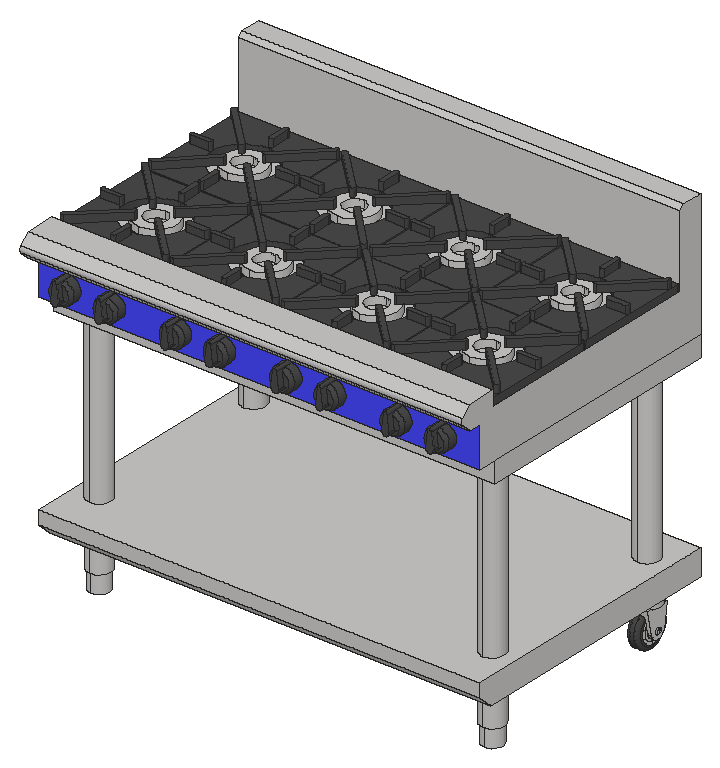
Revit family "QF_MOFFAT_BLUESEAL_CE_G518D-LS", category Specialty Equipment, Revit 2012 (continued)
Definition of nested family "GAS BURNER 1200"
  Forms (mm)
    Extrusion 2, solid, material "QF_Finishes_Black"
      sketch origin (0, 0, 19.5) x (0, -1, 0) y (1, 0, 0)
        loop
          spline (612.398, 284.847) -> (613.159, 285.916) -> (613.559, 287.221) -> (613.572, 288.672) -> (613.197, 290.171) -> (612.459, 291.616) -> (611.408, 292.908) -> (610.116, 293.959) -> (608.671, 294.697) -> (607.172, 295.072) -> (605.721, 295.059) -> (604.416, 294.659) -> (603.347, 293.898)
          line (603.347, 293.898) -> (496.924, 185.975)
          spline (496.924, 185.975) -> (496.163, 184.905) -> (495.762, 183.601) -> (495.749, 182.149) -> (496.125, 180.65) -> (496.863, 179.205) -> (497.914, 177.914) -> (499.205, 176.863) -> (500.65, 176.125) -> (502.149, 175.749) -> (503.601, 175.762) -> (504.905, 176.163) -> (505.975, 176.924)
          line (505.975, 176.924) -> (612.398, 284.847)
        loop
          spline (609.602, 143.6) -> (610.896, 143.818) -> (612.102, 144.457) -> (613.138, 145.475) -> (613.932, 146.8) -> (614.432, 148.344) -> (614.602, 150) -> (614.432, 151.656) -> (613.932, 153.2) -> (613.138, 154.525) -> (612.102, 155.543) -> (610.896, 156.182) -> (609.602, 156.4)
          line (609.602, 156.4) -> (561.898, 156.4)
          spline (561.898, 156.4) -> (560.604, 156.182) -> (559.398, 155.543) -> (558.362, 154.525) -> (557.568, 153.2) -> (557.068, 151.656) -> (556.898, 150) -> (557.068, 148.344) -> (557.568, 146.8) -> (558.362, 145.475) -> (559.398, 144.457) -> (560.604, 143.818) -> (561.898, 143.6)
          line (561.898, 143.6) -> (609.602, 143.6)
        loop
          line (612.398, 15.153) -> (505.975, 123.076)
          spline (505.975, 123.076) -> (504.905, 123.837) -> (503.601, 124.238) -> (502.149, 124.251) -> (500.65, 123.875) -> (499.205, 123.137) -> (497.914, 122.086) -> (496.863, 120.795) -> (496.125, 119.35) -> (495.749, 117.851) -> (495.762, 116.399) -> (496.163, 115.095) -> (496.924, 114.025)
          line (496.924, 114.025) -> (603.347, 6.102)
          spline (603.347, 6.102) -> (604.416, 5.341) -> (605.721, 4.941) -> (607.172, 4.928) -> (608.671, 5.303) -> (610.116, 6.041) -> (611.408, 7.092) -> (612.459, 8.384) -> (613.197, 9.829) -> (613.572, 11.328) -> (613.559, 12.779) -> (613.159, 14.084) -> (612.398, 15.153)
        loop
          line (476.4, 8.898) -> (476.4, 58.102)
          spline (476.4, 58.102) -> (476.182, 59.396) -> (475.543, 60.602) -> (474.525, 61.638) -> (473.2, 62.432) -> (471.656, 62.932) -> (470, 63.102) -> (468.344, 62.932) -> (466.8, 62.432) -> (465.475, 61.638) -> (464.457, 60.602) -> (463.818, 59.396) -> (463.6, 58.102)
          line (463.6, 58.102) -> (463.6, 8.898)
          spline (463.6, 8.898) -> (463.818, 7.604) -> (464.457, 6.398) -> (465.475, 5.362) -> (466.8, 4.568) -> (468.344, 4.068) -> (470, 3.898) -> (471.656, 4.068) -> (473.2, 4.568) -> (474.525, 5.362) -> (475.543, 6.398) -> (476.182, 7.604) -> (476.4, 8.898)
        loop
          spline (22.602, 15.153) -> (21.681, 13.924) -> (21.131, 12.47) -> (20.99, 10.89) -> (21.267, 9.292) -> (21.943, 7.786) -> (22.973, 6.473) -> (24.286, 5.443) -> (25.792, 4.767) -> (27.39, 4.49) -> (28.97, 4.631) -> (30.424, 5.181) -> (31.653, 6.102)
          line (31.653, 6.102) -> (139.576, 114.025)
          spline (139.576, 114.025) -> (140.337, 115.095) -> (140.738, 116.399) -> (140.751, 117.851) -> (140.375, 119.35) -> (139.637, 120.795) -> (138.586, 122.086) -> (137.295, 123.137) -> (135.85, 123.875) -> (134.351, 124.251) -> (132.899, 124.238) -> (131.595, 123.837) -> (130.525, 123.076)
          line (130.525, 123.076) -> (22.602, 15.153)
        loop
          spline (25.398, 156.4) -> (24.104, 156.182) -> (22.898, 155.543) -> (21.862, 154.525) -> (21.068, 153.2) -> (20.568, 151.656) -> (20.398, 150) -> (20.568, 148.344) -> (21.068, 146.8) -> (21.862, 145.475) -> (22.898, 144.457) -> (24.104, 143.818) -> (25.398, 143.6)
          line (25.398, 143.6) -> (74.602, 143.6)
          spline (74.602, 143.6) -> (75.896, 143.818) -> (77.102, 144.457) -> (78.138, 145.475) -> (78.932, 146.8) -> (79.432, 148.344) -> (79.602, 150) -> (79.432, 151.656) -> (78.932, 153.2) -> (78.138, 154.525) -> (77.102, 155.543) -> (75.896, 156.182) -> (74.602, 156.4)
          line (74.602, 156.4) -> (25.398, 156.4)
        loop
          spline (31.653, 293.898) -> (30.584, 294.659) -> (29.279, 295.059) -> (27.828, 295.072) -> (26.329, 294.697) -> (24.884, 293.959) -> (23.592, 292.908) -> (22.541, 291.616) -> (21.803, 290.171) -> (21.428, 288.672) -> (21.441, 287.221) -> (21.841, 285.916) -> (22.602, 284.847)
          line (22.602, 284.847) -> (130.525, 176.924)
          spline (130.525, 176.924) -> (131.595, 176.163) -> (132.899, 175.762) -> (134.351, 175.749) -> (135.85, 176.125) -> (137.295, 176.863) -> (138.586, 177.914) -> (139.637, 179.205) -> (140.375, 180.65) -> (140.751, 182.149) -> (140.738, 183.601) -> (140.337, 184.905) -> (139.576, 185.975)
          line (139.576, 185.975) -> (31.653, 293.898)
        loop
          line (160.1, 291.102) -> (160.1, 241.898)
          spline (160.1, 241.898) -> (160.318, 240.604) -> (160.957, 239.398) -> (161.975, 238.362) -> (163.3, 237.568) -> (164.844, 237.068) -> (166.5, 236.898) -> (168.156, 237.068) -> (169.7, 237.568) -> (171.025, 238.362) -> (172.043, 239.398) -> (172.682, 240.604) -> (172.9, 241.898)
          line (172.9, 241.898) -> (172.9, 291.102)
          spline (172.9, 291.102) -> (172.682, 292.396) -> (172.043, 293.602) -> (171.025, 294.638) -> (169.7, 295.432) -> (168.156, 295.932) -> (166.5, 296.102) -> (164.844, 295.932) -> (163.3, 295.432) -> (161.975, 294.638) -> (160.957, 293.602) -> (160.318, 292.396) -> (160.1, 291.102)
        loop
          spline (313.898, 284.847) -> (314.659, 285.916) -> (315.059, 287.221) -> (315.072, 288.672) -> (314.697, 290.171) -> (313.959, 291.616) -> (312.908, 292.908) -> (311.616, 293.959) -> (310.171, 294.697) -> (308.672, 295.072) -> (307.221, 295.059) -> (305.916, 294.659) -> (304.847, 293.898)
          line (304.847, 293.898) -> (193.424, 185.975)
          spline (193.424, 185.975) -> (192.663, 184.905) -> (192.262, 183.601) -> (192.249, 182.149) -> (192.625, 180.65) -> (193.363, 179.205) -> (194.414, 177.914) -> (195.705, 176.863) -> (197.15, 176.125) -> (198.649, 175.749) -> (200.101, 175.762) -> (201.405, 176.163) -> (202.475, 176.924)
          line (202.475, 176.924) -> (313.898, 284.847)
        loop
          spline (311.102, 143.6) -> (312.396, 143.818) -> (313.602, 144.457) -> (314.638, 145.475) -> (315.432, 146.8) -> (315.932, 148.344) -> (316.102, 150) -> (315.932, 151.656) -> (315.432, 153.2) -> (314.638, 154.525) -> (313.602, 155.543) -> (312.396, 156.182) -> (311.102, 156.4)
          line (311.102, 156.4) -> (261.898, 156.4)
          spline (261.898, 156.4) -> (260.604, 156.182) -> (259.398, 155.543) -> (258.362, 154.525) -> (257.568, 153.2) -> (257.068, 151.656) -> (256.898, 150) -> (257.068, 148.344) -> (257.568, 146.8) -> (258.362, 145.475) -> (259.398, 144.457) -> (260.604, 143.818) -> (261.898, 143.6)
          line (261.898, 143.6) -> (311.102, 143.6)
        loop
          line (313.898, 15.153) -> (202.475, 123.076)
          spline (202.475, 123.076) -> (201.405, 123.837) -> (200.101, 124.238) -> (198.649, 124.251) -> (197.15, 123.875) -> (195.705, 123.137) -> (194.414, 122.086) -> (193.363, 120.795) -> (192.625, 119.35) -> (192.249, 117.851) -> (192.262, 116.399) -> (192.663, 115.095) -> (193.424, 114.025)
          line (193.424, 114.025) -> (304.847, 6.102)
          spline (304.847, 6.102) -> (305.916, 5.341) -> (307.221, 4.941) -> (308.672, 4.928) -> (310.171, 5.303) -> (311.616, 6.041) -> (312.908, 7.092) -> (313.959, 8.384) -> (314.697, 9.829) -> (315.072, 11.328) -> (315.059, 12.779) -> (314.659, 14.084) -> (313.898, 15.153)
        loop
          line (172.9, 8.898) -> (172.9, 58.102)
          spline (172.9, 58.102) -> (172.682, 59.396) -> (172.043, 60.602) -> (171.025, 61.638) -> (169.7, 62.432) -> (168.156, 62.932) -> (166.5, 63.102) -> (164.844, 62.932) -> (163.3, 62.432) -> (161.975, 61.638) -> (160.957, 60.602) -> (160.318, 59.396) -> (160.1, 58.102)
          line (160.1, 58.102) -> (160.1, 8.898)
          spline (160.1, 8.898) -> (160.318, 7.604) -> (160.957, 6.398) -> (161.975, 5.362) -> (163.3, 4.568) -> (164.844, 4.068) -> (166.5, 3.898) -> (168.156, 4.068) -> (169.7, 4.568) -> (171.025, 5.362) -> (172.043, 6.398) -> (172.682, 7.604) -> (172.9, 8.898)
      from 0 to 20.5
    Extrusion 3, solid, material "QF_Finishes_Stainless Steel"
      sketch origin (0, -15.098, 0) x (0, -1, 0) y (1, 0, 0)
        loop
          circle (151.402, 150) r 57
        loop
          circle (451.402, 150) r 57
        loop
          circle (151.402, 150) r 30
        loop
          circle (451.402, 150) r 30
      from 0 to 20
    Extrusion 4, solid, material "QF_Finishes_Black"
      sketch origin (600, 0, 0) x (0, -1, 0) y (1, 0, 0)
        loop
          arc (318.5, -4) -> (317.621, -1.879) -> (315.5, -1) r 3
          line (315.5, -1) -> (3, -1)
          arc (3, -1) -> (0.879, -1.879) -> (0, -4) r 3
          line (0, -4) -> (0, -296)
          arc (0, -296) -> (0.879, -298.121) -> (3, -299) r 3
          line (3, -299) -> (315.5, -299)
          arc (315.5, -299) -> (317.621, -298.121) -> (318.5, -296) r 3
          line (318.5, -296) -> (318.5, -4)
        loop
          arc (324.5, -1) -> (322.379, -1.879) -> (321.5, -4) r 3
          line (321.5, -4) -> (321.5, -296)
          arc (321.5, -296) -> (322.379, -298.121) -> (324.5, -299) r 3
          line (324.5, -299) -> (632, -299)
          arc (632, -299) -> (634.121, -298.121) -> (635, -296) r 3
          line (635, -296) -> (635, -4)
          arc (635, -4) -> (634.121, -1.879) -> (632, -1) r 3
          line (632, -1) -> (324.5, -1)
        loop
          circle (168.5, -149.991) r 84.082
        loop
          circle (468.5, -149.991) r 84.082
      from 0 to 19.5
    Extrusion 5, solid, material "QF_Finishes_Black"
      sketch origin (600, 0, 19.5) x (0, -1, 0) y (1, 0, 0)
        loop
          line (326.102, -15.153) -> (434.025, -123.076)
          spline (434.025, -123.076) -> (435.095, -123.837) -> (436.399, -124.238) -> (437.851, -124.251) -> (439.35, -123.875) -> (440.795, -123.137) -> (442.086, -122.086) -> (443.137, -120.795) -> (443.875, -119.35) -> (444.251, -117.851) -> (444.238, -116.399) -> (443.837, -115.095) -> (443.076, -114.025)
          line (443.076, -114.025) -> (335.153, -6.102)
          spline (335.153, -6.102) -> (333.924, -5.181) -> (332.47, -4.631) -> (330.89, -4.49) -> (329.292, -4.767) -> (327.786, -5.443) -> (326.473, -6.473) -> (325.443, -7.786) -> (324.767, -9.292) -> (324.49, -10.89) -> (324.631, -12.47) -> (325.181, -13.924) -> (326.102, -15.153)
        loop
          line (328.898, -156.4) -> (378.102, -156.4)
          spline (378.102, -156.4) -> (379.396, -156.182) -> (380.602, -155.543) -> (381.638, -154.525) -> (382.432, -153.2) -> (382.932, -151.656) -> (383.102, -150) -> (382.932, -148.344) -> (382.432, -146.8) -> (381.638, -145.475) -> (380.602, -144.457) -> (379.396, -143.818) -> (378.102, -143.6)
          line (378.102, -143.6) -> (328.898, -143.6)
          spline (328.898, -143.6) -> (327.604, -143.818) -> (326.398, -144.457) -> (325.362, -145.475) -> (324.568, -146.8) -> (324.068, -148.344) -> (323.898, -150) -> (324.068, -151.656) -> (324.568, -153.2) -> (325.362, -154.525) -> (326.398, -155.543) -> (327.604, -156.182) -> (328.898, -156.4)
        loop
          line (335.153, -293.898) -> (443.076, -185.975)
          spline (443.076, -185.975) -> (443.837, -184.905) -> (444.238, -183.601) -> (444.251, -182.149) -> (443.875, -180.65) -> (443.137, -179.205) -> (442.086, -177.914) -> (440.795, -176.863) -> (439.35, -176.125) -> (437.851, -175.749) -> (436.399, -175.762) -> (435.095, -176.163) -> (434.025, -176.924)
          line (434.025, -176.924) -> (326.102, -284.847)
          spline (326.102, -284.847) -> (325.341, -285.916) -> (324.941, -287.221) -> (324.928, -288.672) -> (325.303, -290.171) -> (326.041, -291.616) -> (327.092, -292.908) -> (328.384, -293.959) -> (329.829, -294.697) -> (331.328, -295.072) -> (332.779, -295.059) -> (334.084, -294.659) -> (335.153, -293.898)
        loop
          spline (463.6, -291.102) -> (463.818, -292.396) -> (464.457, -293.602) -> (465.475, -294.638) -> (466.8, -295.432) -> (468.344, -295.932) -> (470, -296.102) -> (471.656, -295.932) -> (473.2, -295.432) -> (474.525, -294.638) -> (475.543, -293.602) -> (476.182, -292.396) -> (476.4, -291.102)
          line (476.4, -291.102) -> (476.4, -241.898)
          spline (476.4, -241.898) -> (476.182, -240.604) -> (475.543, -239.398) -> (474.525, -238.362) -> (473.2, -237.568) -> (471.656, -237.068) -> (470, -236.898) -> (468.344, -237.068) -> (466.8, -237.568) -> (465.475, -238.362) -> (464.457, -239.398) -> (463.818, -240.604) -> (463.6, -241.898)
          line (463.6, -241.898) -> (463.6, -291.102)
        loop
          line (612.398, -284.847) -> (505.975, -176.924)
          spline (505.975, -176.924) -> (504.905, -176.163) -> (503.601, -175.762) -> (502.149, -175.749) -> (500.65, -176.125) -> (499.205, -176.863) -> (497.914, -177.914) -> (496.863, -179.205) -> (496.125, -180.65) -> (495.749, -182.149) -> (495.762, -183.601) -> (496.163, -184.905) -> (496.924, -185.975)
          line (496.924, -185.975) -> (603.347, -293.898)
          spline (603.347, -293.898) -> (604.416, -294.659) -> (605.721, -295.059) -> (607.172, -295.072) -> (608.671, -294.697) -> (610.116, -293.959) -> (611.408, -292.908) -> (612.459, -291.616) -> (613.197, -290.171) -> (613.572, -288.672) -> (613.559, -287.221) -> (613.159, -285.916) -> (612.398, -284.847)
        loop
          line (609.602, -143.6) -> (561.898, -143.6)
          spline (561.898, -143.6) -> (560.604, -143.818) -> (559.398, -144.457) -> (558.362, -145.475) -> (557.568, -146.8) -> (557.068, -148.344) -> (556.898, -150) -> (557.068, -151.656) -> (557.568, -153.2) -> (558.362, -154.525) -> (559.398, -155.543) -> (560.604, -156.182) -> (561.898, -156.4)
          line (561.898, -156.4) -> (609.602, -156.4)
          spline (609.602, -156.4) -> (610.896, -156.182) -> (612.102, -155.543) -> (613.138, -154.525) -> (613.932, -153.2) -> (614.432, -151.656) -> (614.602, -150) -> (614.432, -148.344) -> (613.932, -146.8) -> (613.138, -145.475) -> (612.102, -144.457) -> (610.896, -143.818) -> (609.602, -143.6)
        loop
          spline (612.398, -15.153) -> (613.159, -14.084) -> (613.559, -12.779) -> (613.572, -11.328) -> (613.197, -9.829) -> (612.459, -8.384) -> (611.408, -7.092) -> (610.116, -6.041) -> (608.671, -5.303) -> (607.172, -4.928) -> (605.721, -4.941) -> (604.416, -5.341) -> (603.347, -6.102)
          line (603.347, -6.102) -> (496.924, -114.025)
          spline (496.924, -114.025) -> (496.163, -115.095) -> (495.762, -116.399) -> (495.749, -117.851) -> (496.125, -119.35) -> (496.863, -120.795) -> (497.914, -122.086) -> (499.205, -123.137) -> (500.65, -123.875) -> (502.149, -124.251) -> (503.601, -124.238) -> (504.905, -123.837) -> (505.975, -123.076)
          line (505.975, -123.076) -> (612.398, -15.153)
        loop
          spline (476.4, -8.898) -> (476.182, -7.604) -> (475.543, -6.398) -> (474.525, -5.362) -> (473.2, -4.568) -> (471.656, -4.068) -> (470, -3.898) -> (468.344, -4.068) -> (466.8, -4.568) -> (465.475, -5.362) -> (464.457, -6.398) -> (463.818, -7.604) -> (463.6, -8.898)
          line (463.6, -8.898) -> (463.6, -58.102)
          spline (463.6, -58.102) -> (463.818, -59.396) -> (464.457, -60.602) -> (465.475, -61.638) -> (466.8, -62.432) -> (468.344, -62.932) -> (470, -63.102) -> (471.656, -62.932) -> (473.2, -62.432) -> (474.525, -61.638) -> (475.543, -60.602) -> (476.182, -59.396) -> (476.4, -58.102)
          line (476.4, -58.102) -> (476.4, -8.898)
        loop
          line (22.602, -15.153) -> (130.525, -123.076)
          spline (130.525, -123.076) -> (131.595, -123.837) -> (132.899, -124.238) -> (134.351, -124.251) -> (135.85, -123.875) -> (137.295, -123.137) -> (138.586, -122.086) -> (139.637, -120.795) -> (140.375, -119.35) -> (140.751, -117.851) -> (140.738, -116.399) -> (140.337, -115.095) -> (139.576, -114.025)
          line (139.576, -114.025) -> (31.653, -6.102)
          spline (31.653, -6.102) -> (30.424, -5.181) -> (28.97, -4.631) -> (27.39, -4.49) -> (25.792, -4.767) -> (24.286, -5.443) -> (22.973, -6.473) -> (21.943, -7.786) -> (21.267, -9.292) -> (20.99, -10.89) -> (21.131, -12.47) -> (21.681, -13.924) -> (22.602, -15.153)
        loop
          line (25.398, -156.4) -> (74.602, -156.4)
          spline (74.602, -156.4) -> (75.896, -156.182) -> (77.102, -155.543) -> (78.138, -154.525) -> (78.932, -153.2) -> (79.432, -151.656) -> (79.602, -150) -> (79.432, -148.344) -> (78.932, -146.8) -> (78.138, -145.475) -> (77.102, -144.457) -> (75.896, -143.818) -> (74.602, -143.6)
          line (74.602, -143.6) -> (25.398, -143.6)
          spline (25.398, -143.6) -> (24.104, -143.818) -> (22.898, -144.457) -> (21.862, -145.475) -> (21.068, -146.8) -> (20.568, -148.344) -> (20.398, -150) -> (20.568, -151.656) -> (21.068, -153.2) -> (21.862, -154.525) -> (22.898, -155.543) -> (24.104, -156.182) -> (25.398, -156.4)
        loop
          line (31.653, -293.898) -> (139.576, -185.975)
          spline (139.576, -185.975) -> (140.337, -184.905) -> (140.738, -183.601) -> (140.751, -182.149) -> (140.375, -180.65) -> (139.637, -179.205) -> (138.586, -177.914) -> (137.295, -176.863) -> (135.85, -176.125) -> (134.351, -175.749) -> (132.899, -175.762) -> (131.595, -176.163) -> (130.525, -176.924)
          line (130.525, -176.924) -> (22.602, -284.847)
          spline (22.602, -284.847) -> (21.841, -285.916) -> (21.441, -287.221) -> (21.428, -288.672) -> (21.803, -290.171) -> (22.541, -291.616) -> (23.592, -292.908) -> (24.884, -293.959) -> (26.329, -294.697) -> (27.828, -295.072) -> (29.279, -295.059) -> (30.584, -294.659) -> (31.653, -293.898)
        loop
          spline (160.1, -291.102) -> (160.318, -292.396) -> (160.957, -293.602) -> (161.975, -294.638) -> (163.3, -295.432) -> (164.844, -295.932) -> (166.5, -296.102) -> (168.156, -295.932) -> (169.7, -295.432) -> (171.025, -294.638) -> (172.043, -293.602) -> (172.682, -292.396) -> (172.9, -291.102)
          line (172.9, -291.102) -> (172.9, -241.898)
          spline (172.9, -241.898) -> (172.682, -240.604) -> (172.043, -239.398) -> (171.025, -238.362) -> (169.7, -237.568) -> (168.156, -237.068) -> (166.5, -236.898) -> (164.844, -237.068) -> (163.3, -237.568) -> (161.975, -238.362) -> (160.957, -239.398) -> (160.318, -240.604) -> (160.1, -241.898)
          line (160.1, -241.898) -> (160.1, -291.102)
        loop
          line (313.898, -284.847) -> (202.475, -176.924)
          spline (202.475, -176.924) -> (201.405, -176.163) -> (200.101, -175.762) -> (198.649, -175.749) -> (197.15, -176.125) -> (195.705, -176.863) -> (194.414, -177.914) -> (193.363, -179.205) -> (192.625, -180.65) -> (192.249, -182.149) -> (192.262, -183.601) -> (192.663, -184.905) -> (193.424, -185.975)
          line (193.424, -185.975) -> (304.847, -293.898)
          spline (304.847, -293.898) -> (305.916, -294.659) -> (307.221, -295.059) -> (308.672, -295.072) -> (310.171, -294.697) -> (311.616, -293.959) -> (312.908, -292.908) -> (313.959, -291.616) -> (314.697, -290.171) -> (315.072, -288.672) -> (315.059, -287.221) -> (314.659, -285.916) -> (313.898, -284.847)
        loop
          line (311.102, -143.6) -> (261.898, -143.6)
          spline (261.898, -143.6) -> (260.604, -143.818) -> (259.398, -144.457) -> (258.362, -145.475) -> (257.568, -146.8) -> (257.068, -148.344) -> (256.898, -150) -> (257.068, -151.656) -> (257.568, -153.2) -> (258.362, -154.525) -> (259.398, -155.543) -> (260.604, -156.182) -> (261.898, -156.4)
          line (261.898, -156.4) -> (311.102, -156.4)
          spline (311.102, -156.4) -> (312.396, -156.182) -> (313.602, -155.543) -> (314.638, -154.525) -> (315.432, -153.2) -> (315.932, -151.656) -> (316.102, -150) -> (315.932, -148.344) -> (315.432, -146.8) -> (314.638, -145.475) -> (313.602, -144.457) -> (312.396, -143.818) -> (311.102, -143.6)
        loop
          spline (313.898, -15.153) -> (314.659, -14.084) -> (315.059, -12.779) -> (315.072, -11.328) -> (314.697, -9.829) -> (313.959, -8.384) -> (312.908, -7.092) -> (311.616, -6.041) -> (310.171, -5.303) -> (308.672, -4.928) -> (307.221, -4.941) -> (305.916, -5.341) -> (304.847, -6.102)
          line (304.847, -6.102) -> (193.424, -114.025)
          spline (193.424, -114.025) -> (192.663, -115.095) -> (192.262, -116.399) -> (192.249, -117.851) -> (192.625, -119.35) -> (193.363, -120.795) -> (194.414, -122.086) -> (195.705, -123.137) -> (197.15, -123.875) -> (198.649, -124.251) -> (200.101, -124.238) -> (201.405, -123.837) -> (202.475, -123.076)
          line (202.475, -123.076) -> (313.898, -15.153)
        loop
          spline (172.9, -8.898) -> (172.682, -7.604) -> (172.043, -6.398) -> (171.025, -5.362) -> (169.7, -4.568) -> (168.156, -4.068) -> (166.5, -3.898) -> (164.844, -4.068) -> (163.3, -4.568) -> (161.975, -5.362) -> (160.957, -6.398) -> (160.318, -7.604) -> (160.1, -8.898)
          line (160.1, -8.898) -> (160.1, -58.102)
          spline (160.1, -58.102) -> (160.318, -59.396) -> (160.957, -60.602) -> (161.975, -61.638) -> (163.3, -62.432) -> (164.844, -62.932) -> (166.5, -63.102) -> (168.156, -62.932) -> (169.7, -62.432) -> (171.025, -61.638) -> (172.043, -60.602) -> (172.682, -59.396) -> (172.9, -58.102)
          line (172.9, -58.102) -> (172.9, -8.898)
      from 0 to 20.5
    Extrusion 6, solid, material "QF_Finishes_Stainless Steel"
      sketch origin (600, -15.098, 0) x (0, -1, 0) y (1, 0, 0)
        loop
          circle (151.402, -150) r 57
        loop
          circle (451.402, -150) r 57
        loop
          circle (151.402, -150) r 30
        loop
          circle (451.402, -150) r 30
      from 0 to 20
    Extrusion 7, solid, material "QF_Finishes_Black"
      sketch origin (901, 0, 19.5) x (0, -1, 0) y (1, 0, 0)
        loop
          line (326.102, -15.153) -> (434.025, -123.076)
          spline (434.025, -123.076) -> (435.095, -123.837) -> (436.399, -124.238) -> (437.851, -124.251) -> (439.35, -123.875) -> (440.795, -123.137) -> (442.086, -122.086) -> (443.137, -120.795) -> (443.875, -119.35) -> (444.251, -117.851) -> (444.238, -116.399) -> (443.837, -115.095) -> (443.076, -114.025)
          line (443.076, -114.025) -> (335.153, -6.102)
          spline (335.153, -6.102) -> (333.924, -5.181) -> (332.47, -4.631) -> (330.89, -4.49) -> (329.292, -4.767) -> (327.786, -5.443) -> (326.473, -6.473) -> (325.443, -7.786) -> (324.767, -9.292) -> (324.49, -10.89) -> (324.631, -12.47) -> (325.181, -13.924) -> (326.102, -15.153)
        loop
          line (328.898, -156.4) -> (378.102, -156.4)
          spline (378.102, -156.4) -> (379.396, -156.182) -> (380.602, -155.543) -> (381.638, -154.525) -> (382.432, -153.2) -> (382.932, -151.656) -> (383.102, -150) -> (382.932, -148.344) -> (382.432, -146.8) -> (381.638, -145.475) -> (380.602, -144.457) -> (379.396, -143.818) -> (378.102, -143.6)
          line (378.102, -143.6) -> (328.898, -143.6)
          spline (328.898, -143.6) -> (327.604, -143.818) -> (326.398, -144.457) -> (325.362, -145.475) -> (324.568, -146.8) -> (324.068, -148.344) -> (323.898, -150) -> (324.068, -151.656) -> (324.568, -153.2) -> (325.362, -154.525) -> (326.398, -155.543) -> (327.604, -156.182) -> (328.898, -156.4)
        loop
          line (335.153, -293.898) -> (443.076, -185.975)
          spline (443.076, -185.975) -> (443.837, -184.905) -> (444.238, -183.601) -> (444.251, -182.149) -> (443.875, -180.65) -> (443.137, -179.205) -> (442.086, -177.914) -> (440.795, -176.863) -> (439.35, -176.125) -> (437.851, -175.749) -> (436.399, -175.762) -> (435.095, -176.163) -> (434.025, -176.924)
          line (434.025, -176.924) -> (326.102, -284.847)
          spline (326.102, -284.847) -> (325.341, -285.916) -> (324.941, -287.221) -> (324.928, -288.672) -> (325.303, -290.171) -> (326.041, -291.616) -> (327.092, -292.908) -> (328.384, -293.959) -> (329.829, -294.697) -> (331.328, -295.072) -> (332.779, -295.059) -> (334.084, -294.659) -> (335.153, -293.898)
        loop
          spline (463.6, -291.102) -> (463.818, -292.396) -> (464.457, -293.602) -> (465.475, -294.638) -> (466.8, -295.432) -> (468.344, -295.932) -> (470, -296.102) -> (471.656, -295.932) -> (473.2, -295.432) -> (474.525, -294.638) -> (475.543, -293.602) -> (476.182, -292.396) -> (476.4, -291.102)
          line (476.4, -291.102) -> (476.4, -241.898)
          spline (476.4, -241.898) -> (476.182, -240.604) -> (475.543, -239.398) -> (474.525, -238.362) -> (473.2, -237.568) -> (471.656, -237.068) -> (470, -236.898) -> (468.344, -237.068) -> (466.8, -237.568) -> (465.475, -238.362) -> (464.457, -239.398) -> (463.818, -240.604) -> (463.6, -241.898)
          line (463.6, -241.898) -> (463.6, -291.102)
        loop
          line (612.398, -284.847) -> (505.975, -176.924)
          spline (505.975, -176.924) -> (504.905, -176.163) -> (503.601, -175.762) -> (502.149, -175.749) -> (500.65, -176.125) -> (499.205, -176.863) -> (497.914, -177.914) -> (496.863, -179.205) -> (496.125, -180.65) -> (495.749, -182.149) -> (495.762, -183.601) -> (496.163, -184.905) -> (496.924, -185.975)
          line (496.924, -185.975) -> (603.347, -293.898)
          spline (603.347, -293.898) -> (604.416, -294.659) -> (605.721, -295.059) -> (607.172, -295.072) -> (608.671, -294.697) -> (610.116, -293.959) -> (611.408, -292.908) -> (612.459, -291.616) -> (613.197, -290.171) -> (613.572, -288.672) -> (613.559, -287.221) -> (613.159, -285.916) -> (612.398, -284.847)
        loop
          line (609.602, -143.6) -> (561.898, -143.6)
          spline (561.898, -143.6) -> (560.604, -143.818) -> (559.398, -144.457) -> (558.362, -145.475) -> (557.568, -146.8) -> (557.068, -148.344) -> (556.898, -150) -> (557.068, -151.656) -> (557.568, -153.2) -> (558.362, -154.525) -> (559.398, -155.543) -> (560.604, -156.182) -> (561.898, -156.4)
          line (561.898, -156.4) -> (609.602, -156.4)
          spline (609.602, -156.4) -> (610.896, -156.182) -> (612.102, -155.543) -> (613.138, -154.525) -> (613.932, -153.2) -> (614.432, -151.656) -> (614.602, -150) -> (614.432, -148.344) -> (613.932, -146.8) -> (613.138, -145.475) -> (612.102, -144.457) -> (610.896, -143.818) -> (609.602, -143.6)
        loop
          spline (612.398, -15.153) -> (613.159, -14.084) -> (613.559, -12.779) -> (613.572, -11.328) -> (613.197, -9.829) -> (612.459, -8.384) -> (611.408, -7.092) -> (610.116, -6.041) -> (608.671, -5.303) -> (607.172, -4.928) -> (605.721, -4.941) -> (604.416, -5.341) -> (603.347, -6.102)
          line (603.347, -6.102) -> (496.924, -114.025)
          spline (496.924, -114.025) -> (496.163, -115.095) -> (495.762, -116.399) -> (495.749, -117.851) -> (496.125, -119.35) -> (496.863, -120.795) -> (497.914, -122.086) -> (499.205, -123.137) -> (500.65, -123.875) -> (502.149, -124.251) -> (503.601, -124.238) -> (504.905, -123.837) -> (505.975, -123.076)
          line (505.975, -123.076) -> (612.398, -15.153)
        loop
          spline (476.4, -8.898) -> (476.182, -7.604) -> (475.543, -6.398) -> (474.525, -5.362) -> (473.2, -4.568) -> (471.656, -4.068) -> (470, -3.898) -> (468.344, -4.068) -> (466.8, -4.568) -> (465.475, -5.362) -> (464.457, -6.398) -> (463.818, -7.604) -> (463.6, -8.898)
          line (463.6, -8.898) -> (463.6, -58.102)
          spline (463.6, -58.102) -> (463.818, -59.396) -> (464.457, -60.602) -> (465.475, -61.638) -> (466.8, -62.432) -> (468.344, -62.932) -> (470, -63.102) -> (471.656, -62.932) -> (473.2, -62.432) -> (474.525, -61.638) -> (475.543, -60.602) -> (476.182, -59.396) -> (476.4, -58.102)
          line (476.4, -58.102) -> (476.4, -8.898)
        loop
          line (22.602, -15.153) -> (130.525, -123.076)
          spline (130.525, -123.076) -> (131.595, -123.837) -> (132.899, -124.238) -> (134.351, -124.251) -> (135.85, -123.875) -> (137.295, -123.137) -> (138.586, -122.086) -> (139.637, -120.795) -> (140.375, -119.35) -> (140.751, -117.851) -> (140.738, -116.399) -> (140.337, -115.095) -> (139.576, -114.025)
          line (139.576, -114.025) -> (31.653, -6.102)
          spline (31.653, -6.102) -> (30.424, -5.181) -> (28.97, -4.631) -> (27.39, -4.49) -> (25.792, -4.767) -> (24.286, -5.443) -> (22.973, -6.473) -> (21.943, -7.786) -> (21.267, -9.292) -> (20.99, -10.89) -> (21.131, -12.47) -> (21.681, -13.924) -> (22.602, -15.153)
        loop
          line (25.398, -156.4) -> (74.602, -156.4)
          spline (74.602, -156.4) -> (75.896, -156.182) -> (77.102, -155.543) -> (78.138, -154.525) -> (78.932, -153.2) -> (79.432, -151.656) -> (79.602, -150) -> (79.432, -148.344) -> (78.932, -146.8) -> (78.138, -145.475) -> (77.102, -144.457) -> (75.896, -143.818) -> (74.602, -143.6)
          line (74.602, -143.6) -> (25.398, -143.6)
          spline (25.398, -143.6) -> (24.104, -143.818) -> (22.898, -144.457) -> (21.862, -145.475) -> (21.068, -146.8) -> (20.568, -148.344) -> (20.398, -150) -> (20.568, -151.656) -> (21.068, -153.2) -> (21.862, -154.525) -> (22.898, -155.543) -> (24.104, -156.182) -> (25.398, -156.4)
        loop
          line (31.653, -293.898) -> (139.576, -185.975)
          spline (139.576, -185.975) -> (140.337, -184.905) -> (140.738, -183.601) -> (140.751, -182.149) -> (140.375, -180.65) -> (139.637, -179.205) -> (138.586, -177.914) -> (137.295, -176.863) -> (135.85, -176.125) -> (134.351, -175.749) -> (132.899, -175.762) -> (131.595, -176.163) -> (130.525, -176.924)
          line (130.525, -176.924) -> (22.602, -284.847)
          spline (22.602, -284.847) -> (21.841, -285.916) -> (21.441, -287.221) -> (21.428, -288.672) -> (21.803, -290.171) -> (22.541, -291.616) -> (23.592, -292.908) -> (24.884, -293.959) -> (26.329, -294.697) -> (27.828, -295.072) -> (29.279, -295.059) -> (30.584, -294.659) -> (31.653, -293.898)
        loop
          spline (160.1, -291.102) -> (160.318, -292.396) -> (160.957, -293.602) -> (161.975, -294.638) -> (163.3, -295.432) -> (164.844, -295.932) -> (166.5, -296.102) -> (168.156, -295.932) -> (169.7, -295.432) -> (171.025, -294.638) -> (172.043, -293.602) -> (172.682, -292.396) -> (172.9, -291.102)
          line (172.9, -291.102) -> (172.9, -241.898)
          spline (172.9, -241.898) -> (172.682, -240.604) -> (172.043, -239.398) -> (171.025, -238.362) -> (169.7, -237.568) -> (168.156, -237.068) -> (166.5, -236.898) -> (164.844, -237.068) -> (163.3, -237.568) -> (161.975, -238.362) -> (160.957, -239.398) -> (160.318, -240.604) -> (160.1, -241.898)
          line (160.1, -241.898) -> (160.1, -291.102)
        loop
          line (313.898, -284.847) -> (202.475, -176.924)
          spline (202.475, -176.924) -> (201.405, -176.163) -> (200.101, -175.762) -> (198.649, -175.749) -> (197.15, -176.125) -> (195.705, -176.863) -> (194.414, -177.914) -> (193.363, -179.205) -> (192.625, -180.65) -> (192.249, -182.149) -> (192.262, -183.601) -> (192.663, -184.905) -> (193.424, -185.975)
          line (193.424, -185.975) -> (304.847, -293.898)
          spline (304.847, -293.898) -> (305.916, -294.659) -> (307.221, -295.059) -> (308.672, -295.072) -> (310.171, -294.697) -> (311.616, -293.959) -> (312.908, -292.908) -> (313.959, -291.616) -> (314.697, -290.171) -> (315.072, -288.672) -> (315.059, -287.221) -> (314.659, -285.916) -> (313.898, -284.847)
        loop
          line (311.102, -143.6) -> (261.898, -143.6)
          spline (261.898, -143.6) -> (260.604, -143.818) -> (259.398, -144.457) -> (258.362, -145.475) -> (257.568, -146.8) -> (257.068, -148.344) -> (256.898, -150) -> (257.068, -151.656) -> (257.568, -153.2) -> (258.362, -154.525) -> (259.398, -155.543) -> (260.604, -156.182) -> (261.898, -156.4)
          line (261.898, -156.4) -> (311.102, -156.4)
          spline (311.102, -156.4) -> (312.396, -156.182) -> (313.602, -155.543) -> (314.638, -154.525) -> (315.432, -153.2) -> (315.932, -151.656) -> (316.102, -150) -> (315.932, -148.344) -> (315.432, -146.8) -> (314.638, -145.475) -> (313.602, -144.457) -> (312.396, -143.818) -> (311.102, -143.6)
        loop
          spline (313.898, -15.153) -> (314.659, -14.084) -> (315.059, -12.779) -> (315.072, -11.328) -> (314.697, -9.829) -> (313.959, -8.384) -> (312.908, -7.092) -> (311.616, -6.041) -> (310.171, -5.303) -> (308.672, -4.928) -> (307.221, -4.941) -> (305.916, -5.341) -> (304.847, -6.102)
          line (304.847, -6.102) -> (193.424, -114.025)
          spline (193.424, -114.025) -> (192.663, -115.095) -> (192.262, -116.399) -> (192.249, -117.851) -> (192.625, -119.35) -> (193.363, -120.795) -> (194.414, -122.086) -> (195.705, -123.137) -> (197.15, -123.875) -> (198.649, -124.251) -> (200.101, -124.238) -> (201.405, -123.837) -> (202.475, -123.076)
          line (202.475, -123.076) -> (313.898, -15.153)
        loop
          spline (172.9, -8.898) -> (172.682, -7.604) -> (172.043, -6.398) -> (171.025, -5.362) -> (169.7, -4.568) -> (168.156, -4.068) -> (166.5, -3.898) -> (164.844, -4.068) -> (163.3, -4.568) -> (161.975, -5.362) -> (160.957, -6.398) -> (160.318, -7.604) -> (160.1, -8.898)
          line (160.1, -8.898) -> (160.1, -58.102)
          spline (160.1, -58.102) -> (160.318, -59.396) -> (160.957, -60.602) -> (161.975, -61.638) -> (163.3, -62.432) -> (164.844, -62.932) -> (166.5, -63.102) -> (168.156, -62.932) -> (169.7, -62.432) -> (171.025, -61.638) -> (172.043, -60.602) -> (172.682, -59.396) -> (172.9, -58.102)
          line (172.9, -58.102) -> (172.9, -8.898)
      from 0 to 20.5
    Extrusion 8, solid, material "QF_Finishes_Stainless Steel"
      sketch origin (901, -15.098, 0) x (0, -1, 0) y (1, 0, 0)
        loop
          circle (151.402, -150) r 57
        loop
          circle (451.402, -150) r 57
        loop
          circle (151.402, -150) r 30
        loop
          circle (451.402, -150) r 30
      from 0 to 20
    Extrusion 9, solid, material "QF_Finishes_Black"
      sketch origin (901, 0, 0) x (0, -1, 0) y (1, 0, 0)
        loop
          arc (318.5, -4) -> (317.621, -1.879) -> (315.5, -1) r 3
          line (315.5, -1) -> (3, -1)
          arc (3, -1) -> (0.879, -1.879) -> (0, -4) r 3
          line (0, -4) -> (0, -296)
          arc (0, -296) -> (0.879, -298.121) -> (3, -299) r 3
          line (3, -299) -> (315.5, -299)
          arc (315.5, -299) -> (317.621, -298.121) -> (318.5, -296) r 3
          line (318.5, -296) -> (318.5, -4)
        loop
          arc (324.5, -1) -> (322.379, -1.879) -> (321.5, -4) r 3
          line (321.5, -4) -> (321.5, -296)
          arc (321.5, -296) -> (322.379, -298.121) -> (324.5, -299) r 3
          line (324.5, -299) -> (632, -299)
          arc (632, -299) -> (634.121, -298.121) -> (635, -296) r 3
          line (635, -296) -> (635, -4)
          arc (635, -4) -> (634.121, -1.879) -> (632, -1) r 3
          line (632, -1) -> (324.5, -1)
        loop
          circle (168.5, -149.991) r 84.082
        loop
          circle (468.5, -149.991) r 84.082
      from 0 to 19.5
    Extrusion 10, solid, material "QF_Finishes_Stainless Steel"
      sketch origin (901, -15.098, 0) x (0, -1, 0) y (1, 0, 0)
        loop
          circle (151.402, -150) r 57
        loop
          circle (451.402, -150) r 57
        loop
          circle (151.402, -150) r 30
        loop
          circle (451.402, -150) r 30
      from 0 to 20
    Extrusion 11, solid, material "QF_Finishes_Black"
      sketch origin (1200, 0, 0) x (0, -1, 0) y (1, 0, 0)
        loop
          arc (318.5, -4) -> (317.621, -1.879) -> (315.5, -1) r 3
          line (315.5, -1) -> (3, -1)
          arc (3, -1) -> (0.879, -1.879) -> (0, -4) r 3
          line (0, -4) -> (0, -296)
          arc (0, -296) -> (0.879, -298.121) -> (3, -299) r 3
          line (3, -299) -> (315.5, -299)
          arc (315.5, -299) -> (317.621, -298.121) -> (318.5, -296) r 3
          line (318.5, -296) -> (318.5, -4)
        loop
          arc (324.5, -1) -> (322.379, -1.879) -> (321.5, -4) r 3
          line (321.5, -4) -> (321.5, -296)
          arc (321.5, -296) -> (322.379, -298.121) -> (324.5, -299) r 3
          line (324.5, -299) -> (632, -299)
          arc (632, -299) -> (634.121, -298.121) -> (635, -296) r 3
          line (635, -296) -> (635, -4)
          arc (635, -4) -> (634.121, -1.879) -> (632, -1) r 3
          line (632, -1) -> (324.5, -1)
        loop
          circle (168.5, -149.991) r 84.082
        loop
          circle (468.5, -149.991) r 84.082
      from 0 to 19.5
    Extrusion 12, solid, material "QF_Finishes_Black"
      sketch origin (1200, 0, 19.5) x (0, -1, 0) y (1, 0, 0)
        loop
          line (326.102, -15.153) -> (434.025, -123.076)
          spline (434.025, -123.076) -> (435.095, -123.837) -> (436.399, -124.238) -> (437.851, -124.251) -> (439.35, -123.875) -> (440.795, -123.137) -> (442.086, -122.086) -> (443.137, -120.795) -> (443.875, -119.35) -> (444.251, -117.851) -> (444.238, -116.399) -> (443.837, -115.095) -> (443.076, -114.025)
          line (443.076, -114.025) -> (335.153, -6.102)
          spline (335.153, -6.102) -> (333.924, -5.181) -> (332.47, -4.631) -> (330.89, -4.49) -> (329.292, -4.767) -> (327.786, -5.443) -> (326.473, -6.473) -> (325.443, -7.786) -> (324.767, -9.292) -> (324.49, -10.89) -> (324.631, -12.47) -> (325.181, -13.924) -> (326.102, -15.153)
        loop
          line (328.898, -156.4) -> (378.102, -156.4)
          spline (378.102, -156.4) -> (379.396, -156.182) -> (380.602, -155.543) -> (381.638, -154.525) -> (382.432, -153.2) -> (382.932, -151.656) -> (383.102, -150) -> (382.932, -148.344) -> (382.432, -146.8) -> (381.638, -145.475) -> (380.602, -144.457) -> (379.396, -143.818) -> (378.102, -143.6)
          line (378.102, -143.6) -> (328.898, -143.6)
          spline (328.898, -143.6) -> (327.604, -143.818) -> (326.398, -144.457) -> (325.362, -145.475) -> (324.568, -146.8) -> (324.068, -148.344) -> (323.898, -150) -> (324.068, -151.656) -> (324.568, -153.2) -> (325.362, -154.525) -> (326.398, -155.543) -> (327.604, -156.182) -> (328.898, -156.4)
        loop
          line (335.153, -293.898) -> (443.076, -185.975)
          spline (443.076, -185.975) -> (443.837, -184.905) -> (444.238, -183.601) -> (444.251, -182.149) -> (443.875, -180.65) -> (443.137, -179.205) -> (442.086, -177.914) -> (440.795, -176.863) -> (439.35, -176.125) -> (437.851, -175.749) -> (436.399, -175.762) -> (435.095, -176.163) -> (434.025, -176.924)
          line (434.025, -176.924) -> (326.102, -284.847)
          spline (326.102, -284.847) -> (325.341, -285.916) -> (324.941, -287.221) -> (324.928, -288.672) -> (325.303, -290.171) -> (326.041, -291.616) -> (327.092, -292.908) -> (328.384, -293.959) -> (329.829, -294.697) -> (331.328, -295.072) -> (332.779, -295.059) -> (334.084, -294.659) -> (335.153, -293.898)
        loop
          spline (463.6, -291.102) -> (463.818, -292.396) -> (464.457, -293.602) -> (465.475, -294.638) -> (466.8, -295.432) -> (468.344, -295.932) -> (470, -296.102) -> (471.656, -295.932) -> (473.2, -295.432) -> (474.525, -294.638) -> (475.543, -293.602) -> (476.182, -292.396) -> (476.4, -291.102)
          line (476.4, -291.102) -> (476.4, -241.898)
          spline (476.4, -241.898) -> (476.182, -240.604) -> (475.543, -239.398) -> (474.525, -238.362) -> (473.2, -237.568) -> (471.656, -237.068) -> (470, -236.898) -> (468.344, -237.068) -> (466.8, -237.568) -> (465.475, -238.362) -> (464.457, -239.398) -> (463.818, -240.604) -> (463.6, -241.898)
          line (463.6, -241.898) -> (463.6, -291.102)
        loop
          line (612.398, -284.847) -> (505.975, -176.924)
          spline (505.975, -176.924) -> (504.905, -176.163) -> (503.601, -175.762) -> (502.149, -175.749) -> (500.65, -176.125) -> (499.205, -176.863) -> (497.914, -177.914) -> (496.863, -179.205) -> (496.125, -180.65) -> (495.749, -182.149) -> (495.762, -183.601) -> (496.163, -184.905) -> (496.924, -185.975)
          line (496.924, -185.975) -> (603.347, -293.898)
          spline (603.347, -293.898) -> (604.416, -294.659) -> (605.721, -295.059) -> (607.172, -295.072) -> (608.671, -294.697) -> (610.116, -293.959) -> (611.408, -292.908) -> (612.459, -291.616) -> (613.197, -290.171) -> (613.572, -288.672) -> (613.559, -287.221) -> (613.159, -285.916) -> (612.398, -284.847)
        loop
          line (609.602, -143.6) -> (561.898, -143.6)
          spline (561.898, -143.6) -> (560.604, -143.818) -> (559.398, -144.457) -> (558.362, -145.475) -> (557.568, -146.8) -> (557.068, -148.344) -> (556.898, -150) -> (557.068, -151.656) -> (557.568, -153.2) -> (558.362, -154.525) -> (559.398, -155.543) -> (560.604, -156.182) -> (561.898, -156.4)
          line (561.898, -156.4) -> (609.602, -156.4)
          spline (609.602, -156.4) -> (610.896, -156.182) -> (612.102, -155.543) -> (613.138, -154.525) -> (613.932, -153.2) -> (614.432, -151.656) -> (614.602, -150) -> (614.432, -148.344) -> (613.932, -146.8) -> (613.138, -145.475) -> (612.102, -144.457) -> (610.896, -143.818) -> (609.602, -143.6)
        loop
          spline (612.398, -15.153) -> (613.159, -14.084) -> (613.559, -12.779) -> (613.572, -11.328) -> (613.197, -9.829) -> (612.459, -8.384) -> (611.408, -7.092) -> (610.116, -6.041) -> (608.671, -5.303) -> (607.172, -4.928) -> (605.721, -4.941) -> (604.416, -5.341) -> (603.347, -6.102)
          line (603.347, -6.102) -> (496.924, -114.025)
          spline (496.924, -114.025) -> (496.163, -115.095) -> (495.762, -116.399) -> (495.749, -117.851) -> (496.125, -119.35) -> (496.863, -120.795) -> (497.914, -122.086) -> (499.205, -123.137) -> (500.65, -123.875) -> (502.149, -124.251) -> (503.601, -124.238) -> (504.905, -123.837) -> (505.975, -123.076)
          line (505.975, -123.076) -> (612.398, -15.153)
        loop
          spline (476.4, -8.898) -> (476.182, -7.604) -> (475.543, -6.398) -> (474.525, -5.362) -> (473.2, -4.568) -> (471.656, -4.068) -> (470, -3.898) -> (468.344, -4.068) -> (466.8, -4.568) -> (465.475, -5.362) -> (464.457, -6.398) -> (463.818, -7.604) -> (463.6, -8.898)
          line (463.6, -8.898) -> (463.6, -58.102)
          spline (463.6, -58.102) -> (463.818, -59.396) -> (464.457, -60.602) -> (465.475, -61.638) -> (466.8, -62.432) -> (468.344, -62.932) -> (470, -63.102) -> (471.656, -62.932) -> (473.2, -62.432) -> (474.525, -61.638) -> (475.543, -60.602) -> (476.182, -59.396) -> (476.4, -58.102)
          line (476.4, -58.102) -> (476.4, -8.898)
        loop
          line (22.602, -15.153) -> (130.525, -123.076)
          spline (130.525, -123.076) -> (131.595, -123.837) -> (132.899, -124.238) -> (134.351, -124.251) -> (135.85, -123.875) -> (137.295, -123.137) -> (138.586, -122.086) -> (139.637, -120.795) -> (140.375, -119.35) -> (140.751, -117.851) -> (140.738, -116.399) -> (140.337, -115.095) -> (139.576, -114.025)
          line (139.576, -114.025) -> (31.653, -6.102)
          spline (31.653, -6.102) -> (30.424, -5.181) -> (28.97, -4.631) -> (27.39, -4.49) -> (25.792, -4.767) -> (24.286, -5.443) -> (22.973, -6.473) -> (21.943, -7.786) -> (21.267, -9.292) -> (20.99, -10.89) -> (21.131, -12.47) -> (21.681, -13.924) -> (22.602, -15.153)
        loop
          line (25.398, -156.4) -> (74.602, -156.4)
          spline (74.602, -156.4) -> (75.896, -156.182) -> (77.102, -155.543) -> (78.138, -154.525) -> (78.932, -153.2) -> (79.432, -151.656) -> (79.602, -150) -> (79.432, -148.344) -> (78.932, -146.8) -> (78.138, -145.475) -> (77.102, -144.457) -> (75.896, -143.818) -> (74.602, -143.6)
          line (74.602, -143.6) -> (25.398, -143.6)
          spline (25.398, -143.6) -> (24.104, -143.818) -> (22.898, -144.457) -> (21.862, -145.475) -> (21.068, -146.8) -> (20.568, -148.344) -> (20.398, -150) -> (20.568, -151.656) -> (21.068, -153.2) -> (21.862, -154.525) -> (22.898, -155.543) -> (24.104, -156.182) -> (25.398, -156.4)
        loop
          line (31.653, -293.898) -> (139.576, -185.975)
          spline (139.576, -185.975) -> (140.337, -184.905) -> (140.738, -183.601) -> (140.751, -182.149) -> (140.375, -180.65) -> (139.637, -179.205) -> (138.586, -177.914) -> (137.295, -176.863) -> (135.85, -176.125) -> (134.351, -175.749) -> (132.899, -175.762) -> (131.595, -176.163) -> (130.525, -176.924)
          line (130.525, -176.924) -> (22.602, -284.847)
          spline (22.602, -284.847) -> (21.841, -285.916) -> (21.441, -287.221) -> (21.428, -288.672) -> (21.803, -290.171) -> (22.541, -291.616) -> (23.592, -292.908) -> (24.884, -293.959) -> (26.329, -294.697) -> (27.828, -295.072) -> (29.279, -295.059) -> (30.584, -294.659) -> (31.653, -293.898)
        loop
          spline (160.1, -291.102) -> (160.318, -292.396) -> (160.957, -293.602) -> (161.975, -294.638) -> (163.3, -295.432) -> (164.844, -295.932) -> (166.5, -296.102) -> (168.156, -295.932) -> (169.7, -295.432) -> (171.025, -294.638) -> (172.043, -293.602) -> (172.682, -292.396) -> (172.9, -291.102)
          line (172.9, -291.102) -> (172.9, -241.898)
          spline (172.9, -241.898) -> (172.682, -240.604) -> (172.043, -239.398) -> (171.025, -238.362) -> (169.7, -237.568) -> (168.156, -237.068) -> (166.5, -236.898) -> (164.844, -237.068) -> (163.3, -237.568) -> (161.975, -238.362) -> (160.957, -239.398) -> (160.318, -240.604) -> (160.1, -241.898)
          line (160.1, -241.898) -> (160.1, -291.102)
        loop
          line (313.898, -284.847) -> (202.475, -176.924)
          spline (202.475, -176.924) -> (201.405, -176.163) -> (200.101, -175.762) -> (198.649, -175.749) -> (197.15, -176.125) -> (195.705, -176.863) -> (194.414, -177.914) -> (193.363, -179.205) -> (192.625, -180.65) -> (192.249, -182.149) -> (192.262, -183.601) -> (192.663, -184.905) -> (193.424, -185.975)
          line (193.424, -185.975) -> (304.847, -293.898)
          spline (304.847, -293.898) -> (305.916, -294.659) -> (307.221, -295.059) -> (308.672, -295.072) -> (310.171, -294.697) -> (311.616, -293.959) -> (312.908, -292.908) -> (313.959, -291.616) -> (314.697, -290.171) -> (315.072, -288.672) -> (315.059, -287.221) -> (314.659, -285.916) -> (313.898, -284.847)
        loop
          line (311.102, -143.6) -> (261.898, -143.6)
          spline (261.898, -143.6) -> (260.604, -143.818) -> (259.398, -144.457) -> (258.362, -145.475) -> (257.568, -146.8) -> (257.068, -148.344) -> (256.898, -150) -> (257.068, -151.656) -> (257.568, -153.2) -> (258.362, -154.525) -> (259.398, -155.543) -> (260.604, -156.182) -> (261.898, -156.4)
          line (261.898, -156.4) -> (311.102, -156.4)
          spline (311.102, -156.4) -> (312.396, -156.182) -> (313.602, -155.543) -> (314.638, -154.525) -> (315.432, -153.2) -> (315.932, -151.656) -> (316.102, -150) -> (315.932, -148.344) -> (315.432, -146.8) -> (314.638, -145.475) -> (313.602, -144.457) -> (312.396, -143.818) -> (311.102, -143.6)
        loop
          spline (313.898, -15.153) -> (314.659, -14.084) -> (315.059, -12.779) -> (315.072, -11.328) -> (314.697, -9.829) -> (313.959, -8.384) -> (312.908, -7.092) -> (311.616, -6.041) -> (310.171, -5.303) -> (308.672, -4.928) -> (307.221, -4.941) -> (305.916, -5.341) -> (304.847, -6.102)
          line (304.847, -6.102) -> (193.424, -114.025)
          spline (193.424, -114.025) -> (192.663, -115.095) -> (192.262, -116.399) -> (192.249, -117.851) -> (192.625, -119.35) -> (193.363, -120.795) -> (194.414, -122.086) -> (195.705, -123.137) -> (197.15, -123.875) -> (198.649, -124.251) -> (200.101, -124.238) -> (201.405, -123.837) -> (202.475, -123.076)
          line (202.475, -123.076) -> (313.898, -15.153)
        loop
          spline (172.9, -8.898) -> (172.682, -7.604) -> (172.043, -6.398) -> (171.025, -5.362) -> (169.7, -4.568) -> (168.156, -4.068) -> (166.5, -3.898) -> (164.844, -4.068) -> (163.3, -4.568) -> (161.975, -5.362) -> (160.957, -6.398) -> (160.318, -7.604) -> (160.1, -8.898)
          line (160.1, -8.898) -> (160.1, -58.102)
          spline (160.1, -58.102) -> (160.318, -59.396) -> (160.957, -60.602) -> (161.975, -61.638) -> (163.3, -62.432) -> (164.844, -62.932) -> (166.5, -63.102) -> (168.156, -62.932) -> (169.7, -62.432) -> (171.025, -61.638) -> (172.043, -60.602) -> (172.682, -59.396) -> (172.9, -58.102)
          line (172.9, -58.102) -> (172.9, -8.898)
      from 0 to 20.5
    Extrusion 13, solid, material "QF_Finishes_Stainless Steel"
      sketch origin (1200, -15.098, 0) x (0, -1, 0) y (1, 0, 0)
        loop
          circle (151.402, -150) r 57
        loop
          circle (451.402, -150) r 57
        loop
          circle (151.402, -150) r 30
        loop
          circle (451.402, -150) r 30
      from 0 to 20
  Lines and regions (mm)
    symbolic lines
      curve 1: line (284.847, -22.602, 0) -> (176.924, -130.525, 0)
      curve 2: spline (176.924, -130.525, 0) -> (176.163, -131.595, 0) -> (175.762, -132.899, 0) -> (175.749, -134.351, 0) -> (176.125, -135.85, 0) -> (176.863, -137.295, 0) -> (177.914, -138.586, 0) -> (179.205, -139.637, 0) -> (180.65, -140.375, 0) -> (182.149, -140.751, 0) -> (183.601, -140.738, 0) -> (184.905, -140.337, 0) -> (185.975, -139.576, 0)
      curve 3: line (185.975, -139.576, 0) -> (293.898, -31.653, 0)
      curve 4: spline (293.898, -31.653, 0) -> (294.659, -30.584, 0) -> (295.059, -29.279, 0) -> (295.072, -27.828, 0) -> (294.697, -26.329, 0) -> (293.959, -24.884, 0) -> (292.908, -23.592, 0) -> (291.616, -22.541, 0) -> (290.171, -21.803, 0) -> (288.672, -21.428, 0) -> (287.221, -21.441, 0) -> (285.916, -21.841, 0) -> (284.847, -22.602, 0)
      curve 5: line (291.102, -160.1, 0) -> (241.898, -160.1, 0)
      curve 6: spline (241.898, -160.1, 0) -> (240.604, -160.318, 0) -> (239.398, -160.957, 0) -> (238.362, -161.975, 0) -> (237.568, -163.3, 0) -> (237.068, -164.844, 0) -> (236.898, -166.5, 0) -> (237.068, -168.156, 0) -> (237.568, -169.7, 0) -> (238.362, -171.025, 0) -> (239.398, -172.043, 0) -> (240.604, -172.682, 0) -> (241.898, -172.9, 0)
      curve 7: line (241.898, -172.9, 0) -> (291.102, -172.9, 0)
      curve 8: spline (291.102, -172.9, 0) -> (292.396, -172.682, 0) -> (293.602, -172.043, 0) -> (294.638, -171.025, 0) -> (295.432, -169.7, 0) -> (295.932, -168.156, 0) -> (296.102, -166.5, 0) -> (295.932, -164.844, 0) -> (295.432, -163.3, 0) -> (294.638, -161.975, 0) -> (293.602, -160.957, 0) -> (292.396, -160.318, 0) -> (291.102, -160.1, 0)
      curve 9: line (306.102, -31.653, 0) -> (414.025, -139.576, 0)
      curve 10: spline (414.025, -139.576, 0) -> (415.095, -140.337, 0) -> (416.399, -140.738, 0) -> (417.851, -140.751, 0) -> (419.35, -140.375, 0) -> (420.795, -139.637, 0) -> (422.086, -138.586, 0) -> (423.137, -137.295, 0) -> (423.875, -135.85, 0) -> (424.251, -134.351, 0) -> (424.238, -132.899, 0) -> (423.837, -131.595, 0) -> (423.076, -130.525, 0)
      curve 11: line (423.076, -130.525, 0) -> (315.153, -22.602, 0)
      curve 12: spline (315.153, -22.602, 0) -> (314.084, -21.841, 0) -> (312.779, -21.441, 0) -> (311.328, -21.428, 0) -> (309.829, -21.803, 0) -> (308.384, -22.541, 0) -> (307.092, -23.592, 0) -> (306.041, -24.884, 0) -> (305.303, -26.329, 0) -> (304.928, -27.828, 0) -> (304.941, -29.279, 0) -> (305.341, -30.584, 0) -> (306.102, -31.653, 0)
      curve 13: line (443.6, -25.398, 0) -> (443.6, -74.602, 0)
      curve 14: spline (443.6, -74.602, 0) -> (443.818, -75.896, 0) -> (444.457, -77.102, 0) -> (445.475, -78.138, 0) -> (446.8, -78.932, 0) -> (448.344, -79.432, 0) -> (450, -79.602, 0) -> (451.656, -79.432, 0) -> (453.2, -78.932, 0) -> (454.525, -78.138, 0) -> (455.543, -77.102, 0) -> (456.182, -75.896, 0) -> (456.4, -74.602, 0)
      curve 15: line (456.4, -74.602, 0) -> (456.4, -25.398, 0)
      curve 16: spline (456.4, -25.398, 0) -> (456.182, -24.104, 0) -> (455.543, -22.898, 0) -> (454.525, -21.862, 0) -> (453.2, -21.068, 0) -> (451.656, -20.568, 0) -> (450, -20.398, 0) -> (448.344, -20.568, 0) -> (446.8, -21.068, 0) -> (445.475, -21.862, 0) -> (444.457, -22.898, 0) -> (443.818, -24.104, 0) -> (443.6, -25.398, 0)
      curve 17: line (584.847, -22.602, 0) -> (476.924, -130.525, 0)
      curve 18: spline (476.924, -130.525, 0) -> (476.163, -131.595, 0) -> (475.762, -132.899, 0) -> (475.749, -134.351, 0) -> (476.125, -135.85, 0) -> (476.863, -137.295, 0) -> (477.914, -138.586, 0) -> (479.205, -139.637, 0) -> (480.65, -140.375, 0) -> (482.149, -140.751, 0) -> (483.601, -140.738, 0) -> (484.905, -140.337, 0) -> (485.975, -139.576, 0)
      curve 19: line (485.975, -139.576, 0) -> (593.898, -31.653, 0)
      curve 20: spline (593.898, -31.653, 0) -> (594.819, -30.424, 0) -> (595.369, -28.97, 0) -> (595.51, -27.39, 0) -> (595.233, -25.792, 0) -> (594.557, -24.286, 0) -> (593.527, -22.973, 0) -> (592.214, -21.943, 0) -> (590.708, -21.267, 0) -> (589.11, -20.99, 0) -> (587.53, -21.131, 0) -> (586.076, -21.681, 0) -> (584.847, -22.602, 0)
      curve 21: line (591.102, -160.1, 0) -> (541.898, -160.1, 0)
      curve 22: spline (541.898, -160.1, 0) -> (540.604, -160.318, 0) -> (539.398, -160.957, 0) -> (538.362, -161.975, 0) -> (537.568, -163.3, 0) -> (537.068, -164.844, 0) -> (536.898, -166.5, 0) -> (537.068, -168.156, 0) -> (537.568, -169.7, 0) -> (538.362, -171.025, 0) -> (539.398, -172.043, 0) -> (540.604, -172.682, 0) -> (541.898, -172.9, 0)
      curve 23: line (541.898, -172.9, 0) -> (591.102, -172.9, 0)
      curve 24: spline (591.102, -172.9, 0) -> (592.396, -172.682, 0) -> (593.602, -172.043, 0) -> (594.638, -171.025, 0) -> (595.432, -169.7, 0) -> (595.932, -168.156, 0) -> (596.102, -166.5, 0) -> (595.932, -164.844, 0) -> (595.432, -163.3, 0) -> (594.638, -161.975, 0) -> (593.602, -160.957, 0) -> (592.396, -160.318, 0) -> (591.102, -160.1, 0)
      curve 25: line (593.898, -304.847, 0) -> (485.975, -193.424, 0)
      curve 26: spline (485.975, -193.424, 0) -> (484.905, -192.663, 0) -> (483.601, -192.262, 0) -> (482.149, -192.249, 0) -> (480.65, -192.625, 0) -> (479.205, -193.363, 0) -> (477.914, -194.414, 0) -> (476.863, -195.705, 0) -> (476.125, -197.15, 0) -> (475.749, -198.649, 0) -> (475.762, -200.101, 0) -> (476.163, -201.405, 0) -> (476.924, -202.475, 0)
      curve 27: line (476.924, -202.475, 0) -> (584.847, -313.898, 0)
      curve 28: spline (584.847, -313.898, 0) -> (585.916, -314.659, 0) -> (587.221, -315.059, 0) -> (588.672, -315.072, 0) -> (590.171, -314.697, 0) -> (591.616, -313.959, 0) -> (592.908, -312.908, 0) -> (593.959, -311.616, 0) -> (594.697, -310.171, 0) -> (595.072, -308.672, 0) -> (595.059, -307.221, 0) -> (594.659, -305.916, 0) -> (593.898, -304.847, 0)
      curve 29: arc (450, -223.5, 0) -> (468.725, -220.336, 0) -> (485.372, -211.197, 0) r 57
      curve 30: arc (450, -109.5, 0) -> (431.183, -112.696, 0) -> (414.475, -121.924, 0) r 57
      curve 31: arc (450.009, -84.418, 0) -> (478.534, -89.404, 0) -> (503.676, -103.773, 0) r 84.082
      curve 32: arc (450.009, -252.582, 0) -> (420.453, -247.216, 0) -> (394.669, -231.803, 0) r 84.082
      curve 33: arc (450, -136.5, 0) -> (480, -166.5, 0) -> (450, -196.5, 0) r 30
      curve 34: arc (450, -196.5, 0) -> (420, -166.5, 0) -> (450, -136.5, 0) r 30
      curve 35: arc (150, -223.5, 0) -> (168.725, -220.336, 0) -> (185.372, -211.197, 0) r 57
      curve 36: arc (150, -109.5, 0) -> (131.183, -112.696, 0) -> (114.475, -121.924, 0) r 57
      curve 37: arc (149.991, -84.418, 0) -> (178.523, -89.406, 0) -> (203.668, -103.781, 0) r 84.082
      curve 38: arc (149.991, -252.582, 0) -> (120.441, -247.219, 0) -> (94.661, -231.812, 0) r 84.082
      curve 39: line (156.4, -74.602, 0) -> (156.4, -25.398, 0)
      curve 40: spline (156.4, -25.398, 0) -> (156.182, -24.104, 0) -> (155.543, -22.898, 0) -> (154.525, -21.862, 0) -> (153.2, -21.068, 0) -> (151.656, -20.568, 0) -> (150, -20.398, 0) -> (148.344, -20.568, 0) -> (146.8, -21.068, 0) -> (145.475, -21.862, 0) -> (144.457, -22.898, 0) -> (143.818, -24.104, 0) -> (143.6, -25.398, 0)
      curve 41: line (143.6, -25.398, 0) -> (143.6, -74.602, 0)
      curve 42: spline (143.6, -74.602, 0) -> (143.818, -75.896, 0) -> (144.457, -77.102, 0) -> (145.475, -78.138, 0) -> (146.8, -78.932, 0) -> (148.344, -79.432, 0) -> (150, -79.602, 0) -> (151.656, -79.432, 0) -> (153.2, -78.932, 0) -> (154.525, -78.138, 0) -> (155.543, -77.102, 0) -> (156.182, -75.896, 0) -> (156.4, -74.602, 0)
      curve 43: line (358.102, -160.1, 0) -> (308.898, -160.1, 0)
      curve 44: spline (308.898, -160.1, 0) -> (307.604, -160.318, 0) -> (306.398, -160.957, 0) -> (305.362, -161.975, 0) -> (304.568, -163.3, 0) -> (304.068, -164.844, 0) -> (303.898, -166.5, 0) -> (304.068, -168.156, 0) -> (304.568, -169.7, 0) -> (305.362, -171.025, 0) -> (306.398, -172.043, 0) -> (307.604, -172.682, 0) -> (308.898, -172.9, 0)
      curve 45: line (308.898, -172.9, 0) -> (358.102, -172.9, 0)
      curve 46: spline (358.102, -172.9, 0) -> (359.396, -172.682, 0) -> (360.602, -172.043, 0) -> (361.638, -171.025, 0) -> (362.432, -169.7, 0) -> (362.932, -168.156, 0) -> (363.102, -166.5, 0) -> (362.932, -164.844, 0) -> (362.432, -163.3, 0) -> (361.638, -161.975, 0) -> (360.602, -160.957, 0) -> (359.396, -160.318, 0) -> (358.102, -160.1, 0)
      curve 47: line (414.025, -193.424, 0) -> (306.102, -304.847, 0)
      curve 48: spline (306.102, -304.847, 0) -> (305.341, -305.916, 0) -> (304.941, -307.221, 0) -> (304.928, -308.672, 0) -> (305.303, -310.171, 0) -> (306.041, -311.616, 0) -> (307.092, -312.908, 0) -> (308.384, -313.959, 0) -> (309.829, -314.697, 0) -> (311.328, -315.072, 0) -> (312.779, -315.059, 0) -> (314.084, -314.659, 0) -> (315.153, -313.898, 0)
      curve 49: line (315.153, -313.898, 0) -> (423.076, -202.475, 0)
      curve 50: spline (423.076, -202.475, 0) -> (423.837, -201.405, 0) -> (424.238, -200.101, 0) -> (424.251, -198.649, 0) -> (423.875, -197.15, 0) -> (423.137, -195.705, 0) -> (422.086, -194.414, 0) -> (420.795, -193.363, 0) -> (419.35, -192.625, 0) -> (417.851, -192.249, 0) -> (416.399, -192.262, 0) -> (415.095, -192.663, 0) -> (414.025, -193.424, 0)
      curve 51: line (456.4, -311.102, 0) -> (456.4, -261.898, 0)
      curve 52: spline (456.4, -261.898, 0) -> (456.182, -260.604, 0) -> (455.543, -259.398, 0) -> (454.525, -258.362, 0) -> (453.2, -257.568, 0) -> (451.656, -257.068, 0) -> (450, -256.898, 0) -> (448.344, -257.068, 0) -> (446.8, -257.568, 0) -> (445.475, -258.362, 0) -> (444.457, -259.398, 0) -> (443.818, -260.604, 0) -> (443.6, -261.898, 0)
      curve 53: line (443.6, -261.898, 0) -> (443.6, -311.102, 0)
      curve 54: spline (443.6, -311.102, 0) -> (443.818, -312.396, 0) -> (444.457, -313.602, 0) -> (445.475, -314.638, 0) -> (446.8, -315.432, 0) -> (448.344, -315.932, 0) -> (450, -316.102, 0) -> (451.656, -315.932, 0) -> (453.2, -315.432, 0) -> (454.525, -314.638, 0) -> (455.543, -313.602, 0) -> (456.182, -312.396, 0) -> (456.4, -311.102, 0)
